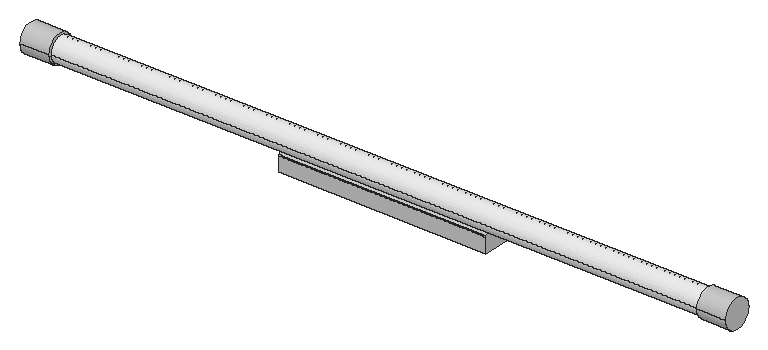
Revit family "2-5142-24 Zenith", category Lighting Fixtures, Revit 2014
Parameters
  Wattage = 13.1411 W
  built-in parameter 1150110 = 1 (stored number, unit not read)
  URL = "http://www.oxygenlighting.com"
  Type Comments = "Lighting - Fluorescent"
  built-in parameter 1114217 = 1 (stored number, unit not read)
  Tilt Angle = 180.00°
  built-in parameter 1150109 = 1 (stored number, unit not read)
  built-in parameter 1150134 = (empty or 0)
  built-in parameter 1150113 = 1 (stored number, unit not read)
  Product Documentation Link = "http://oxygenlighting.com.s3.amazonaws.com/downloads/cutsheets/2-5142-xx.pdf"
  Photometric Web File = "2-5142-24 Zenith 48 ITL77183.IES"
  Model = "2-5142-24"
  Metal Finish = Satin Nickel
  Manufacturer = "Oxygen Lighting"
  Lumens = 1952 lm
  built-in parameter 1150115 = 1 (stored number, unit not read)
  built-in parameter 1150105 = 155.34 (stored number, unit not read)
  built-in parameter 1150137 = (empty or 0)
  built-in parameter 1150139 = (empty or 0)
  built-in parameter 1150112 = 1 (stored number, unit not read)
  Lamp Manufacturer = "Sylvania"
  built-in parameter 1150114 = 1 (stored number, unit not read)
  Lamp = "1x28W T-5 FP28/841/ECO Linear Fluorescent"
  Junction Box = "2\"x3\" Junction Box"
  Input Voltage (VAC) = "120.0"
  Power Factor = "0.99"
  Input Power (Watts) = 31.4 W
  Input Current (Amp AC) = ""
  built-in parameter 1150132 = 2
  built-in parameter 1150102 = (empty or 0)
  built-in parameter 1150138 = (empty or 0)
  built-in parameter 1150107 = 3000 (stored number, unit not read)
  built-in parameter 1150106 = 1.5534 (stored number, unit not read)
  Fixture Length = 3' - 11 5/8"
  Fixture Height = 0' - 3.06337"
  Emit from Rectangle Width = 2' - 0"
  Emit from Rectangle Length = 4' - 0"
  Emit Shape Visible in Rendering = no
  Efficacy (lm/W) = ""
  built-in parameter 1150104 = 13.8 (stored number, unit not read)
  Dimming Lamp Color Temperature Shift = <None>
  Diffuser = Acrylic- Matte White
  Description = "48\" Vanity - 1xT-5 linear fluorescent"
  Default Elevation = 4' - 0"
  Color Filter = 16777215
  Ballast Manufacturer = "Antron Electronics ESD-A35T5"
  built-in parameter 1114218 = 1 (stored number, unit not read)
  built-in parameter 1150133 = 10 (stored number, unit not read)
  Apparent Load = 31.4 VA
  ADA Compliant = no
Reference planes (in)
  plane 1 "Light Source Axis (F/B)": y = 0
  plane 2: z = 0
  plane 3 "Light Source Axis (L/R)": x = 0
  plane 4 "Light Source Elevation": z = 3.13785
  plane 5: y = -1.73238
  plane 6: y = 1.33099
  plane 7: x = -23.8125
  plane 8: x = 23.8125
  plane 9: x = -7
  plane 10: x = 7
  plane 11: x = -21.86368
  plane 12: z = 3.13785
Forms (in)
  Extrusion 1, solid, material "Satin Nickel" <- "Metal Finish"
    sketch origin (0, 0, 0) x (0, 1, 0) y (0, 0, 1)
      loop
        line (1.33099, 0) -> (0.32647, 1.73988)
        arc (0.32647, 1.73988) -> (0.30749, 1.75444) -> (0.28378, 1.75132) r 0.03125
        line (0.28378, 1.75132) -> (-0.93463, 1.04787)
        arc (-0.93463, 1.04787) -> (-0.94607, 1.03643) -> (-0.95026, 1.02081) r 0.03125
        line (-0.95026, 1.02081) -> (-0.95026, 0) -> (1.33099, 0)
    from -7 to 7
  Extrusion 2, solid, material "Satin Nickel" <- "Metal Finish"
    sketch origin (0, 0, 0) x (0, 1, 0) y (0, 0, 1)
      loop
        circle (-0.7875, 2.19993) r 0.94488
    from -23.8125 to -21.86368
  Extrusion 3, solid, material "Satin Nickel" <- "Metal Finish"
    sketch origin (0, 0, 0) x (0, 1, 0) y (0, 0, -1)
      loop
        circle (-0.7875, -2.19993) r 0.94488
    from -23.8125 to -21.86368
  Extrusion 4, solid, material "Acrylic- Matte White" <- "Diffuser"
    sketch origin (0, 0, 0) x (0, 1, 0) y (0, 0, 1)
      loop
        circle (-0.7875, 2.19993) r 0.69375
      loop
        circle (-0.7875, 2.19993) r 0.82677
    from -21.86368 to 21.86368
  Extrusion 5, solid, material "Satin Nickel" <- "Metal Finish", not visible
    sketch origin (0, 0, 0) x (0, 1, 0) y (0, 0, 1)
      loop
        line (1.33099, 0) -> (0.32647, 1.73988)
        arc (0.32647, 1.73988) -> (0.30749, 1.75444) -> (0.28378, 1.75132) r 0.03125
        line (0.28378, 1.75132) -> (-0.93463, 1.04787)
        arc (-0.93463, 1.04787) -> (-0.94607, 1.03643) -> (-0.95026, 1.02081) r 0.03125
        line (-0.95026, 1.02081) -> (-0.95026, 0) -> (1.33099, 0)
    from -7 to 7
  Extrusion 6, solid, material "Satin Nickel" <- "Metal Finish", not visible
    sketch origin (0, 0, 0) x (0, 1, 0) y (0, 0, 1)
      loop
        circle (-0.7875, 2.19993) r 0.94488
    from -23.8125 to -21.86368
  Extrusion 7, solid, material "Satin Nickel" <- "Metal Finish", not visible
    sketch origin (0, 0, 0) x (0, 1, 0) y (0, 0, -1)
      loop
        circle (-0.7875, -2.19993) r 0.94488
    from -23.8125 to -21.86368
  Extrusion 8, solid, material "Acrylic- Matte White" <- "Diffuser", not visible
    sketch origin (0, 0, 0) x (0, 1, 0) y (0, 0, 1)
      loop
        circle (-0.7875, 2.19993) r 0.69375
      loop
        circle (-0.7875, 2.19993) r 0.82677
    from -21.86368 to 21.86368
Dimensions and locks (in)
  "Fixture Height": plane 6 to plane 5
  "Fixture Length": plane 7 to plane 8
  equal spacing: plane 7, plane 3 "Light Source Axis (L/R)", plane 8, locked at 23.8125 each
  locked: plane 9 to plane 10 at 14
  aligned and locked: plane 3 "Light Source Axis (L/R)" to imposter light
  aligned and locked: plane 1 "Light Source Axis (F/B)" to imposter light
  aligned and locked: plane 4 "Light Source Elevation" to imposter light
  aligned and locked: level to plane 2
  aligned and locked: Extrusion 1 to plane 9
  aligned and locked: plane 10 to Extrusion 1
  aligned and locked: Extrusion 2 to plane 7
  aligned and locked: plane 11 to Extrusion 2
  aligned and locked: Extrusion 4 to plane 11
  aligned and locked: Extrusion 4 to Extrusion 3
Automatic sketch dimensions
  Extrusion 1 sketch curve to Extrusion 1 sketch curve = 0' - 1.02081"
  Extrusion 1 sketch curve to Extrusion 1 sketch curve = 0' - 0 1/64"  (x3)
  Extrusion 1 sketch curve to Extrusion 1 sketch curve = 0' - 0.02706"  (x2)
  Extrusion 1 sketch curve to Extrusion 1 sketch curve = 0' - 0.70345"
  Extrusion 1 sketch curve to Extrusion 1 sketch curve = 0' - 1.21841"
  Extrusion 1 sketch curve to Extrusion 1 sketch curve = 0' - 1.00452"
  Extrusion 4 sketch curve to Extrusion 4 sketch curve = 0' - 0"  (x4)
  Extrusion 5 sketch curve to Extrusion 5 sketch curve = 0' - 1.02081"
  Extrusion 5 sketch curve to Extrusion 5 sketch curve = 0' - 0 1/64"  (x3)
  Extrusion 5 sketch curve to Extrusion 5 sketch curve = 0' - 0.02706"  (x2)
  Extrusion 5 sketch curve to Extrusion 5 sketch curve = 0' - 0.70345"
  Extrusion 5 sketch curve to Extrusion 5 sketch curve = 0' - 1.21841"
  Extrusion 5 sketch curve to Extrusion 5 sketch curve = 0' - 1.00452"
  Extrusion 8 sketch curve to Extrusion 8 sketch curve = 0' - 0"  (x4)
  radius of Extrusion 3 sketch curve = 0' - 0.94488"
  radius of Extrusion 4 sketch curve = 0' - 0.69375"
  radius of Extrusion 4 sketch curve = 0' - 0.82677"
  radius of Extrusion 2 sketch curve = 0' - 0.94488"
  radius of Extrusion 7 sketch curve = 0' - 0.94488"
  radius of Extrusion 8 sketch curve = 0' - 0.69375"
  radius of Extrusion 8 sketch curve = 0' - 0.82677"
  radius of Extrusion 6 sketch curve = 0' - 0.94488"
